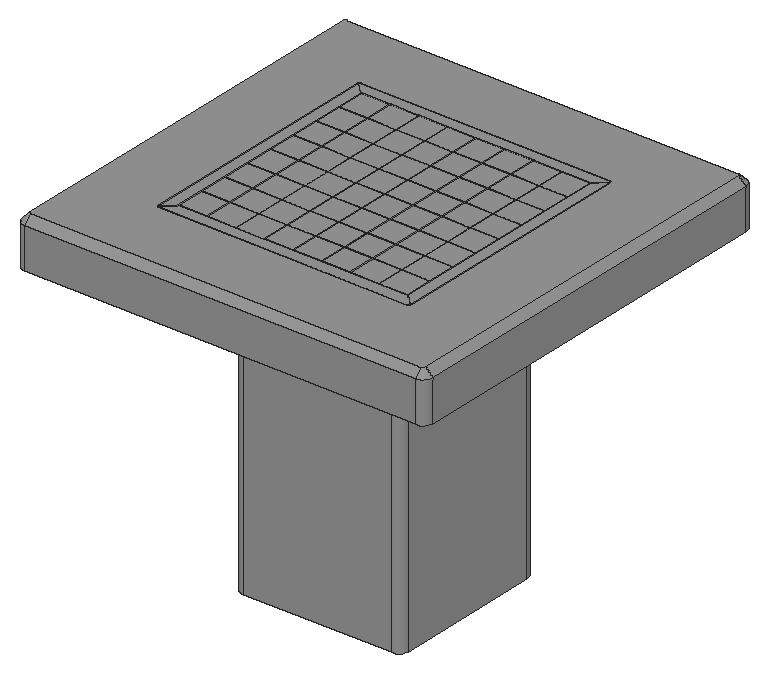
Revit family "Комплект мебели «Лотос» Арт 13995", category Антураж, Revit 2018
Family settings
  На основе рабочей плоскости = Нет
  Всегда вертикально = Да
  При загрузке вырезать с полостями = Нет
  Источник визуального образа = Геометрия семейства
  Общий = Нет
  Точка расчета площади = Нет
Parameters (values of type "Комплект мебели «Лотос». Стол")
  Ширина = if(Стол, 860 mm, 350 mm)  # 860 mm
  Цвет сидения = none
  Цвет основания = Бетон
  Стол = yes
  Пуф = not(Стол)  # no
  Описание = if(Стол, "Комплект мебели «Лотос». Стол", "Комплект мебели «Лотос». Пуф")  # "Комплект мебели «Лотос». Стол"
  Материал изделия = "Бетон, дерево"  # constant formula
  Изображение типоразмера = Комплект мебели «Лотос» Арт 13995.jpg
  Изготовитель = "ООО «Хоббика»"  # constant formula
  Длина = if(Стол, 860 mm, 350 mm)  # 860 mm
  Группа модели = "Комплекты садовой мебели"  # constant formula
  Высота = if(Стол, 730 mm, 470 mm)  # 730 mm
  Артикул товара = "Арт. 13995"  # constant formula
  URL = "https://hobbyka.ru/product/komplekt_mebeli_lotos/"
Types (3, lengths in mm): name | Ширина | Цвет сидения | Стол | Пуф | Описание | Длина | Высота
  (no name) | 860 | none | yes | no | "Комплект мебели «Лотос». Стол" | 860 | 730
  Комплект мебели «Лотос». Стол | 860 | none | yes | no | "Комплект мебели «Лотос». Стол" | 860 | 730
  Комплект мебели «Лотос». Пуф | 350 | Дерево | no | yes | "Комплект мебели «Лотос». Пуф" | 350 | 470
Reference planes
  plane 1 "По центру (Вперед/Назад)": y = 0
  plane 2: z = 0
  plane 3 "По центру (Влево/Вправо)": x = 0
Forms (mm)
  Extrusion 1, solid, material "Бетон" <- "Цвет основания", visible <- "Стол"
    sketch origin (0, 0, 0) x (1, 0, 0) y (0, 1, 0)
      loop
        arc (-155, 175) -> (-169.142, 169.142) -> (-175, 155) r 20
        line (-175, 155) -> (-175, -155)
        arc (-175, -155) -> (-169.142, -169.142) -> (-155, -175) r 20
        line (-155, -175) -> (155, -175)
        arc (155, -175) -> (169.142, -169.142) -> (175, -155) r 20
        line (175, -155) -> (175, 155)
        arc (175, 155) -> (169.142, 169.142) -> (155, 175) r 20
        line (155, 175) -> (-155, 175)
    from 0 to 630
  Extrusion 2, solid, material "Бетон" <- "Цвет основания", visible <- "Стол"
    sketch origin (0, 0, 0) x (1, 0, 0) y (0, 1, 0)
      loop
        arc (-410, 430) -> (-424.142, 424.142) -> (-430, 410) r 20
        line (-430, 410) -> (-430, -410)
        arc (-430, -410) -> (-424.142, -424.142) -> (-410, -430) r 20
        line (-410, -430) -> (410, -430)
        arc (410, -430) -> (424.142, -424.142) -> (430, -410) r 20
        line (430, -410) -> (430, 410)
        arc (430, 410) -> (424.142, 424.142) -> (410, 430) r 20
        line (410, 430) -> (-410, 430)
    from 630 to 730
  Sweep 3, void
    path origin (0, 0, 0) x (1, 0, 0) y (0, 1, 0)
      loop
        line (430, -410) -> (430, 410)
        arc (430, 410) -> (424.142, 424.142) -> (410, 430) r 20
        line (410, 430) -> (-410, 430)
        arc (-410, 430) -> (-424.142, 424.142) -> (-430, 410) r 20
        line (-430, 410) -> (-430, -410)
        arc (-430, -410) -> (-424.142, -424.142) -> (-410, -430) r 20
        line (-410, -430) -> (410, -430)
        arc (410, -430) -> (424.142, -424.142) -> (430, -410) r 20
    profile origin (430, 0, 0) x (-1, 0, 0) y (0, 0, 1)
      loop
        line (15.004, 730) -> (0, 730) -> (0, 714.996) -> (15.004, 730)
  Extrusion 4, void
    sketch origin (0, 0, 0) x (1, 0, 0) y (0, 1, 0)
      loop
        line (260, 265) -> (-260, 265)
        arc (-260, 265) -> (-263.533, 263.537) -> (-264.996, 260.004) r 4.996
        line (-264.996, 260.004) -> (-264.996, -260)
        arc (-264.996, -260) -> (-263.533, -263.533) -> (-260, -264.996) r 4.996
        line (-260, -264.996) -> (260, -264.996)
        arc (260, -264.996) -> (263.533, -263.533) -> (264.996, -260) r 4.996
        line (264.996, -260) -> (264.996, 260.004)
        arc (264.996, 260.004) -> (263.533, 263.537) -> (260, 265) r 4.996
    from 714.996 to 730
  Extrusion 5, solid, material "Черные клетки", visible <- "Стол"
    sketch origin (0, 0, 0) x (1, 0, 0) y (0, 1, 0)
      loop
        line (263.483, -263.582) -> (240.554, -239.996) -> (-240.652, -239.996) -> (-263.533, -263.533)
        arc (-263.533, -263.533) -> (-261.912, -264.616) -> (-260, -264.996) r 4.996
        line (-260, -264.996) -> (260, -264.996)
        arc (260, -264.996) -> (261.879, -264.629) -> (263.483, -263.582) r 4.996
    from 714.996 to 730
  Extrusion 6, solid, material "Черные клетки", visible <- "Стол"
    sketch origin (0, 0, 0) x (1, 0, 0) y (0, 1, 0)
      loop
        arc (263.483, 263.582) -> (261.879, 264.629) -> (260, 264.996) r 4.996
        line (260, 264.996) -> (-260, 264.996)
        arc (-260, 264.996) -> (-261.912, 264.616) -> (-263.533, 263.533) r 4.996
        line (-263.533, 263.533) -> (-240.652, 239.996) -> (240.554, 239.996) -> (263.483, 263.582)
    from 714.996 to 730
  Extrusion 7, solid, material "Черные клетки", visible <- "Стол"
    sketch origin (-0.025, -0.025, 0) x (0.00004, -1, 0) y (1, 0.00004, 0)
      loop
        line (263.483, -263.582) -> (240.554, -239.996) -> (-240.652, -239.996) -> (-263.533, -263.533)
        arc (-263.533, -263.533) -> (-261.912, -264.616) -> (-260, -264.996) r 4.996
        line (-260, -264.996) -> (260, -264.996)
        arc (260, -264.996) -> (261.879, -264.629) -> (263.483, -263.582) r 4.996
    from 714.996 to 730
  Extrusion 8, solid, material "Черные клетки", visible <- "Стол"
    sketch origin (-0.025, -0.025, 0) x (0.00004, -1, 0) y (1, 0.00004, 0)
      loop
        arc (263.483, 263.582) -> (261.879, 264.629) -> (260, 264.996) r 4.996
        line (260, 264.996) -> (-260, 264.996)
        arc (-260, 264.996) -> (-261.912, 264.616) -> (-263.533, 263.533) r 4.996
        line (-263.533, 263.533) -> (-240.652, 239.996) -> (240.554, 239.996) -> (263.483, 263.582)
    from 714.996 to 730
  Extrusion 9, solid, material "Черные клетки", visible <- "Стол"
    sketch origin (-0.639, 0.587, 0) x (-0.001143, -0.999999, 0) y (0.999999, -0.001143, 0)
      loop
        line (-180.027, 240.612) -> (-240.026, 240.612) -> (-240.026, 180.612) -> (-180.027, 180.612) -> (-180.027, 240.612)
      loop
        line (-60.027, 240.612) -> (-120.026, 240.612) -> (-120.026, 180.612) -> (-60.027, 180.612) -> (-60.027, 240.612)
      loop
        line (59.973, 240.612) -> (-0.026, 240.612) -> (-0.026, 180.612) -> (59.973, 180.612) -> (59.973, 240.612)
      loop
        line (179.973, 240.612) -> (119.974, 240.612) -> (119.974, 180.612) -> (179.973, 180.612) -> (179.973, 240.612)
      loop
        line (-180.027, 120.612) -> (-240.026, 120.612) -> (-240.026, 60.612) -> (-180.027, 60.612) -> (-180.027, 120.612)
      loop
        line (-60.027, 120.612) -> (-120.026, 120.612) -> (-120.026, 60.612) -> (-60.027, 60.612) -> (-60.027, 120.612)
      loop
        line (59.973, 120.612) -> (-0.026, 120.612) -> (-0.026, 60.612) -> (59.973, 60.612) -> (59.973, 120.612)
      loop
        line (179.973, 120.612) -> (119.974, 120.612) -> (119.974, 60.612) -> (179.973, 60.612) -> (179.973, 120.612)
      loop
        line (-180.027, 0.612) -> (-240.026, 0.612) -> (-240.026, -59.388) -> (-180.027, -59.388) -> (-180.027, 0.612)
      loop
        line (-60.027, 0.612) -> (-120.026, 0.612) -> (-120.026, -59.388) -> (-60.027, -59.388) -> (-60.027, 0.612)
      loop
        line (59.973, 0.612) -> (-0.026, 0.612) -> (-0.026, -59.388) -> (59.973, -59.388) -> (59.973, 0.612)
      loop
        line (179.973, 0.612) -> (119.974, 0.612) -> (119.974, -59.388) -> (179.973, -59.388) -> (179.973, 0.612)
      loop
        line (-180.027, -119.388) -> (-240.026, -119.388) -> (-240.026, -179.388) -> (-180.027, -179.388) -> (-180.027, -119.388)
      loop
        line (-60.027, -119.388) -> (-120.026, -119.388) -> (-120.026, -179.388) -> (-60.027, -179.388) -> (-60.027, -119.388)
      loop
        line (59.973, -119.388) -> (-0.026, -119.388) -> (-0.026, -179.388) -> (59.973, -179.388) -> (59.973, -119.388)
      loop
        line (179.973, -119.388) -> (119.974, -119.388) -> (119.974, -179.388) -> (179.973, -179.388) -> (179.973, -119.388)
    from 715 to 730
  Extrusion 10, solid, material "Черные клетки", visible <- "Стол"
    sketch origin (-60.707, -59.344, 0) x (-0.001143, -0.999999, 0) y (0.999999, -0.001143, 0)
      loop
        line (-180.027, 240.612) -> (-240.026, 240.612) -> (-240.026, 180.612) -> (-180.027, 180.612) -> (-180.027, 240.612)
      loop
        line (-60.027, 240.612) -> (-120.026, 240.612) -> (-120.026, 180.612) -> (-60.027, 180.612) -> (-60.027, 240.612)
      loop
        line (59.973, 240.612) -> (-0.026, 240.612) -> (-0.026, 180.612) -> (59.973, 180.612) -> (59.973, 240.612)
      loop
        line (179.973, 240.612) -> (119.974, 240.612) -> (119.974, 180.612) -> (179.973, 180.612) -> (179.973, 240.612)
      loop
        line (-180.027, 120.612) -> (-240.026, 120.612) -> (-240.026, 60.612) -> (-180.027, 60.612) -> (-180.027, 120.612)
      loop
        line (-60.027, 120.612) -> (-120.026, 120.612) -> (-120.026, 60.612) -> (-60.027, 60.612) -> (-60.027, 120.612)
      loop
        line (59.973, 120.612) -> (-0.026, 120.612) -> (-0.026, 60.612) -> (59.973, 60.612) -> (59.973, 120.612)
      loop
        line (179.973, 120.612) -> (119.974, 120.612) -> (119.974, 60.612) -> (179.973, 60.612) -> (179.973, 120.612)
      loop
        line (-180.027, 0.612) -> (-240.026, 0.612) -> (-240.026, -59.388) -> (-180.027, -59.388) -> (-180.027, 0.612)
      loop
        line (-60.027, 0.612) -> (-120.026, 0.612) -> (-120.026, -59.388) -> (-60.027, -59.388) -> (-60.027, 0.612)
      loop
        line (59.973, 0.612) -> (-0.026, 0.612) -> (-0.026, -59.388) -> (59.973, -59.388) -> (59.973, 0.612)
      loop
        line (179.973, 0.612) -> (119.974, 0.612) -> (119.974, -59.388) -> (179.973, -59.388) -> (179.973, 0.612)
      loop
        line (-180.027, -119.388) -> (-240.026, -119.388) -> (-240.026, -179.388) -> (-180.027, -179.388) -> (-180.027, -119.388)
      loop
        line (-60.027, -119.388) -> (-120.026, -119.388) -> (-120.026, -179.388) -> (-60.027, -179.388) -> (-60.027, -119.388)
      loop
        line (59.973, -119.388) -> (-0.026, -119.388) -> (-0.026, -179.388) -> (59.973, -179.388) -> (59.973, -119.388)
      loop
        line (179.973, -119.388) -> (119.974, -119.388) -> (119.974, -179.388) -> (179.973, -179.388) -> (179.973, -119.388)
    from 715 to 730
  Extrusion 11, solid, material "Белые клетки", visible <- "Стол"
    sketch origin (0, 0, 0) x (1, -0.000075, 0) y (0.000075, 1, 0)
      loop
        line (-180.027, 240.612) -> (-240.026, 240.612) -> (-240.026, 180.612) -> (-180.027, 180.612) -> (-180.027, 240.612)
      loop
        line (-60.027, 240.612) -> (-120.026, 240.612) -> (-120.026, 180.612) -> (-60.027, 180.612) -> (-60.027, 240.612)
      loop
        line (59.973, 240.612) -> (-0.026, 240.612) -> (-0.026, 180.612) -> (59.973, 180.612) -> (59.973, 240.612)
      loop
        line (179.973, 240.612) -> (119.974, 240.612) -> (119.974, 180.612) -> (179.973, 180.612) -> (179.973, 240.612)
      loop
        line (-180.027, 120.612) -> (-240.026, 120.612) -> (-240.026, 60.612) -> (-180.027, 60.612) -> (-180.027, 120.612)
      loop
        line (-60.027, 120.612) -> (-120.026, 120.612) -> (-120.026, 60.612) -> (-60.027, 60.612) -> (-60.027, 120.612)
      loop
        line (59.973, 120.612) -> (-0.026, 120.612) -> (-0.026, 60.612) -> (59.973, 60.612) -> (59.973, 120.612)
      loop
        line (179.973, 120.612) -> (119.974, 120.612) -> (119.974, 60.612) -> (179.973, 60.612) -> (179.973, 120.612)
      loop
        line (-180.027, 0.612) -> (-240.026, 0.612) -> (-240.026, -59.388) -> (-180.027, -59.388) -> (-180.027, 0.612)
      loop
        line (-60.027, 0.612) -> (-120.026, 0.612) -> (-120.026, -59.388) -> (-60.027, -59.388) -> (-60.027, 0.612)
      loop
        line (59.973, 0.612) -> (-0.026, 0.612) -> (-0.026, -59.388) -> (59.973, -59.388) -> (59.973, 0.612)
      loop
        line (179.973, 0.612) -> (119.974, 0.612) -> (119.974, -59.388) -> (179.973, -59.388) -> (179.973, 0.612)
      loop
        line (-180.027, -119.388) -> (-240.026, -119.388) -> (-240.026, -179.388) -> (-180.027, -179.388) -> (-180.027, -119.388)
      loop
        line (-60.027, -119.388) -> (-120.026, -119.388) -> (-120.026, -179.388) -> (-60.027, -179.388) -> (-60.027, -119.388)
      loop
        line (59.973, -119.388) -> (-0.026, -119.388) -> (-0.026, -179.388) -> (59.973, -179.388) -> (59.973, -119.388)
      loop
        line (179.973, -119.388) -> (119.974, -119.388) -> (119.974, -179.388) -> (179.973, -179.388) -> (179.973, -119.388)
    from 715 to 730
  Extrusion 12, solid, material "Белые клетки", visible <- "Стол"
    sketch origin (59.995, -60.004, 0) x (1, -0.000075, 0) y (0.000075, 1, 0)
      loop
        line (-180.027, 240.612) -> (-240.026, 240.612) -> (-240.026, 180.612) -> (-180.027, 180.612) -> (-180.027, 240.612)
      loop
        line (-60.027, 240.612) -> (-120.026, 240.612) -> (-120.026, 180.612) -> (-60.027, 180.612) -> (-60.027, 240.612)
      loop
        line (59.973, 240.612) -> (-0.026, 240.612) -> (-0.026, 180.612) -> (59.973, 180.612) -> (59.973, 240.612)
      loop
        line (179.973, 240.612) -> (119.974, 240.612) -> (119.974, 180.612) -> (179.973, 180.612) -> (179.973, 240.612)
      loop
        line (-180.027, 120.612) -> (-240.026, 120.612) -> (-240.026, 60.612) -> (-180.027, 60.612) -> (-180.027, 120.612)
      loop
        line (-60.027, 120.612) -> (-120.026, 120.612) -> (-120.026, 60.612) -> (-60.027, 60.612) -> (-60.027, 120.612)
      loop
        line (59.973, 120.612) -> (-0.026, 120.612) -> (-0.026, 60.612) -> (59.973, 60.612) -> (59.973, 120.612)
      loop
        line (179.973, 120.612) -> (119.974, 120.612) -> (119.974, 60.612) -> (179.973, 60.612) -> (179.973, 120.612)
      loop
        line (-180.027, 0.612) -> (-240.026, 0.612) -> (-240.026, -59.388) -> (-180.027, -59.388) -> (-180.027, 0.612)
      loop
        line (-60.027, 0.612) -> (-120.026, 0.612) -> (-120.026, -59.388) -> (-60.027, -59.388) -> (-60.027, 0.612)
      loop
        line (59.973, 0.612) -> (-0.026, 0.612) -> (-0.026, -59.388) -> (59.973, -59.388) -> (59.973, 0.612)
      loop
        line (179.973, 0.612) -> (119.974, 0.612) -> (119.974, -59.388) -> (179.973, -59.388) -> (179.973, 0.612)
      loop
        line (-180.027, -119.388) -> (-240.026, -119.388) -> (-240.026, -179.388) -> (-180.027, -179.388) -> (-180.027, -119.388)
      loop
        line (-60.027, -119.388) -> (-120.026, -119.388) -> (-120.026, -179.388) -> (-60.027, -179.388) -> (-60.027, -119.388)
      loop
        line (59.973, -119.388) -> (-0.026, -119.388) -> (-0.026, -179.388) -> (59.973, -179.388) -> (59.973, -119.388)
      loop
        line (179.973, -119.388) -> (119.974, -119.388) -> (119.974, -179.388) -> (179.973, -179.388) -> (179.973, -119.388)
    from 715 to 730
  Extrusion 13, solid, material "Бетон" <- "Цвет основания", visible <- "Пуф"
    sketch origin (0, 0, 0) x (1, 0, 0) y (0, 1, 0)
      loop
        arc (-155, 175) -> (-169.142, 169.142) -> (-175, 155) r 20
        line (-175, 155) -> (-175, -155)
        arc (-175, -155) -> (-169.142, -169.142) -> (-155, -175) r 20
        line (-155, -175) -> (155, -175)
        arc (155, -175) -> (169.142, -169.142) -> (175, -155) r 20
        line (175, -155) -> (175, 155)
        arc (175, 155) -> (169.142, 169.142) -> (155, 175) r 20
        line (155, 175) -> (-155, 175)
    from 0 to 450
  Extrusion 14, solid, material <- "Цвет сидения", visible <- "Пуф"
    sketch origin (0, 0, 0) x (1, 0, 0) y (0, 0, 1)
      loop
        line (-175, 450) -> (-95, 450) -> (-95, 470) -> (-175, 470) -> (-175, 450)
      loop
        line (175, 450) -> (175, 470) -> (95, 470) -> (95, 450) -> (175, 450)
      loop
        line (-85, 450) -> (-5, 450) -> (-5, 470) -> (-85, 470) -> (-85, 450)
      loop
        line (85, 450) -> (85, 470) -> (5, 470) -> (5, 450) -> (85, 450)
    from -175 to 175
Cuts and joins
  Sweep 3, Extrusion 4 cuts Extrusion 2
  Extrusion 4 cuts Extrusion 1
Lines and regions (mm)
  reference lines
    curve 1: line (-430, -345, 0) -> (-430, 680, 0)
    curve 2: line (430, -600, 0) -> (430, 680, 0)
    curve 3: line (-590, 430, 0) -> (630, 430, 0)
    curve 4: line (-845, -430, 0) -> (375, -430, 0)
    curve 5: line (0, 591.014, 730) -> (0, -488.986, 730)
Dimensions and locks
  "Длина": curve 1 to curve 2
  "Ширина": curve 4 to curve 3
  equal spacing: curve 1, plane 3 "По центру (Влево/Вправо)", curve 2
  equal spacing: curve 4, plane 1 "По центру (Вперед/Назад)", curve 3
  "Высота": level to curve 5
  aligned and locked: level to plane 2
Automatic sketch dimensions
  Extrusion 1 sketch curve to plane 3 "По центру (Влево/Вправо)" = 175 mm
  Extrusion 1 sketch curve to Extrusion 1 sketch curve = 20 mm  (x3)
  plane 3 "По центру (Влево/Вправо)" to Extrusion 1 sketch curve = 155 mm  (x2)
  plane 1 "По центру (Вперед/Назад)" to Extrusion 1 sketch curve = 175 mm
  Extrusion 1 sketch curve to plane 1 "По центру (Вперед/Назад)" = 155 mm
  Extrusion 2 sketch curve to plane 3 "По центру (Влево/Вправо)" = 430 mm
  Extrusion 2 sketch curve to Extrusion 2 sketch curve = 20 mm  (x3)
  plane 3 "По центру (Влево/Вправо)" to Extrusion 2 sketch curve = 410 mm  (x2)
  plane 1 "По центру (Вперед/Назад)" to Extrusion 2 sketch curve = 430 mm
  Extrusion 2 sketch curve to plane 1 "По центру (Вперед/Назад)" = 410 mm
  Sweep 3 sketch curve to plane 3 "По центру (Влево/Вправо)" = 430 mm
  Sweep 3 sketch curve to Sweep 3 sketch curve = 20 mm  (x3)
  plane 3 "По центру (Влево/Вправо)" to Sweep 3 sketch curve = 410 mm  (x2)
  plane 1 "По центру (Вперед/Назад)" to Sweep 3 sketch curve = 430 mm
  Sweep 3 sketch curve to plane 1 "По центру (Вперед/Назад)" = 410 mm
  Sweep 3 sketch curve to profile plane = 0 mm
  Sweep 3 sketch curve to profile plane = 15.004 mm
  level to Sweep 3 sketch curve = 714.996 mm
  Sweep 3 sketch curve to Sweep 3 sketch curve = 15.004 mm
  Extrusion 4 sketch curve to plane 3 "По центру (Влево/Вправо)" = 264.996 mm
  Extrusion 4 sketch curve to Extrusion 4 sketch curve = 4.996 mm  (x3)
  plane 3 "По центру (Влево/Вправо)" to Extrusion 4 sketch curve = 260 mm  (x2)
  plane 1 "По центру (Вперед/Назад)" to Extrusion 4 sketch curve = 264.996 mm
  Extrusion 4 sketch curve to plane 1 "По центру (Вперед/Назад)" = 260.004 mm
  Extrusion 5 sketch curve to plane 3 "По центру (Влево/Вправо)" = 263.533 mm
  Extrusion 5 sketch curve to Extrusion 5 sketch curve = 3.533 mm
  Extrusion 5 sketch curve to Extrusion 5 sketch curve = 19.348 mm
  plane 3 "По центру (Влево/Вправо)" to Extrusion 5 sketch curve = 240.554 mm
  Extrusion 5 sketch curve to Extrusion 5 sketch curve = 19.446 mm
  Extrusion 5 sketch curve to Extrusion 5 sketch curve = 3.483 mm
  plane 1 "По центру (Вперед/Назад)" to Extrusion 5 sketch curve = 264.996 mm
  Extrusion 5 sketch curve to Extrusion 5 sketch curve = 1.414 mm
  Extrusion 5 sketch curve to Extrusion 5 sketch curve = 1.463 mm
  Extrusion 5 sketch curve to Extrusion 5 sketch curve = 20.004 mm
  plane 3 "По центру (Влево/Вправо)" to Extrusion 6 sketch curve = 263.533 mm
  Extrusion 6 sketch curve to Extrusion 6 sketch curve = 3.533 mm
  Extrusion 6 sketch curve to Extrusion 6 sketch curve = 19.348 mm
  Extrusion 6 sketch curve to plane 3 "По центру (Влево/Вправо)" = 240.554 mm
  Extrusion 6 sketch curve to Extrusion 6 sketch curve = 19.446 mm
  Extrusion 6 sketch curve to Extrusion 6 sketch curve = 3.483 mm
  plane 1 "По центру (Вперед/Назад)" to Extrusion 6 sketch curve = 264.996 mm
  Extrusion 6 sketch curve to Extrusion 6 sketch curve = 1.414 mm
  Extrusion 6 sketch curve to Extrusion 6 sketch curve = 1.463 mm
  Extrusion 6 sketch curve to Extrusion 6 sketch curve = 20.004 mm
  Extrusion 7 sketch curve to plane 1 "По центру (Вперед/Назад)" = 263.497 mm  (x4)
  Extrusion 7 sketch curve to Extrusion 7 sketch curve = 3.533 mm
  Extrusion 7 sketch curve to Extrusion 7 sketch curve = 19.348 mm
  plane 1 "По центру (Вперед/Назад)" to Extrusion 7 sketch curve = 240.588 mm  (x4)
  plane 1 "По центру (Вперед/Назад)" to Extrusion 7 sketch curve = 260.036 mm
  Extrusion 7 sketch curve to Extrusion 7 sketch curve = 3.483 mm
  Extrusion 7 sketch curve to plane 3 "По центру (Влево/Вправо)" = 263.597 mm
  Extrusion 7 sketch curve to Extrusion 7 sketch curve = 1.414 mm
  Extrusion 7 sketch curve to Extrusion 7 sketch curve = 20.004 mm
  Extrusion 8 sketch curve to plane 1 "По центру (Вперед/Назад)" = 263.518 mm  (x2)
  plane 3 "По центру (Влево/Вправо)" to Extrusion 8 sketch curve = 263.497 mm
  Extrusion 8 sketch curve to Extrusion 8 sketch curve = 3.533 mm  (x2)
  Extrusion 8 sketch curve to Extrusion 8 sketch curve = 19.348 mm
  plane 1 "По центру (Вперед/Назад)" to Extrusion 8 sketch curve = 240.569 mm  (x4)
  plane 1 "По центру (Вперед/Назад)" to Extrusion 8 sketch curve = 260.014 mm
  Extrusion 8 sketch curve to Extrusion 8 sketch curve = 3.483 mm
  Extrusion 8 sketch curve to Extrusion 8 sketch curve = 4.996 mm
  Extrusion 8 sketch curve to Extrusion 8 sketch curve = 20.004 mm
  plane 3 "По центру (Влево/Вправо)" to Extrusion 9 sketch curve = 60.247 mm
  Extrusion 9 sketch curve to plane 1 "По центру (Вперед/Назад)" = 240.543 mm
  Extrusion 9 sketch curve to Extrusion 9 sketch curve = 0 mm  (x10)
  Extrusion 9 sketch curve to Extrusion 9 sketch curve = 59.999 mm  (x16)
  Extrusion 9 sketch curve to Extrusion 9 sketch curve = 60.001 mm  (x8)
  Extrusion 9 sketch curve to Extrusion 9 sketch curve = 60 mm  (x28)
  plane 3 "По центру (Влево/Вправо)" to Extrusion 10 sketch curve = 0.179 mm
  Extrusion 10 sketch curve to plane 1 "По центру (Вперед/Назад)" = 180.612 mm
  Extrusion 10 sketch curve to Extrusion 10 sketch curve = 0 mm  (x10)
  Extrusion 10 sketch curve to Extrusion 10 sketch curve = 59.999 mm  (x16)
  Extrusion 10 sketch curve to Extrusion 10 sketch curve = 60.001 mm  (x8)
  Extrusion 10 sketch curve to Extrusion 10 sketch curve = 60 mm  (x28)
  Extrusion 11 sketch curve to plane 1 "По центру (Вперед/Назад)" = 60.63 mm
  Extrusion 11 sketch curve to plane 3 "По центру (Влево/Вправо)" = 240.021 mm
  Extrusion 11 sketch curve to Extrusion 11 sketch curve = 0 mm  (x10)
  Extrusion 11 sketch curve to Extrusion 11 sketch curve = 59.999 mm  (x16)
  Extrusion 11 sketch curve to Extrusion 11 sketch curve = 60.001 mm  (x8)
  Extrusion 11 sketch curve to Extrusion 11 sketch curve = 60 mm  (x28)
  Extrusion 12 sketch curve to plane 1 "По центру (Вперед/Назад)" = 0.627 mm
  Extrusion 12 sketch curve to plane 3 "По центру (Влево/Вправо)" = 180.027 mm
  Extrusion 12 sketch curve to Extrusion 12 sketch curve = 0 mm  (x10)
  Extrusion 12 sketch curve to Extrusion 12 sketch curve = 59.999 mm  (x16)
  Extrusion 12 sketch curve to Extrusion 12 sketch curve = 60.001 mm  (x8)
  Extrusion 12 sketch curve to Extrusion 12 sketch curve = 60 mm  (x28)
  curve 3 to curve 1 = 160 mm
  curve 4 to curve 3 = 255 mm
  plane 3 "По центру (Влево/Вправо)" to curve 4 = 375 mm
  curve 2 to curve 3 = 200 mm
  plane 1 "По центру (Вперед/Назад)" to curve 1 = 345 mm
  curve 2 to curve 1 = 255 mm
  curve 3 to curve 2 = 250 mm
  curve 3 to curve 1 = 250 mm
  plane 1 "По центру (Вперед/Назад)" to curve 5 = 488.986 mm
  curve 5 to plane 1 "По центру (Вперед/Назад)" = 591.014 mm
  Extrusion 13 sketch curve to plane 3 "По центру (Влево/Вправо)" = 175 mm
  Extrusion 13 sketch curve to Extrusion 13 sketch curve = 20 mm  (x3)
  plane 3 "По центру (Влево/Вправо)" to Extrusion 13 sketch curve = 155 mm  (x2)
  plane 1 "По центру (Вперед/Назад)" to Extrusion 13 sketch curve = 175 mm
  Extrusion 13 sketch curve to Extrusion 13 sketch curve = 310 mm
  plane 3 "По центру (Влево/Вправо)" to Extrusion 14 sketch curve = 5 mm
  level to Extrusion 14 sketch curve = 450 mm
  Extrusion 14 sketch curve to Extrusion 14 sketch curve = 0 mm  (x5)
  Extrusion 14 sketch curve to Extrusion 14 sketch curve = 20 mm  (x2)
  Extrusion 14 sketch curve to plane 3 "По центру (Влево/Вправо)" = 5 mm
  Extrusion 14 sketch curve to Extrusion 14 sketch curve = 80 mm  (x4)
  Extrusion 14 sketch curve to Extrusion 14 sketch curve = 10 mm  (x2)
